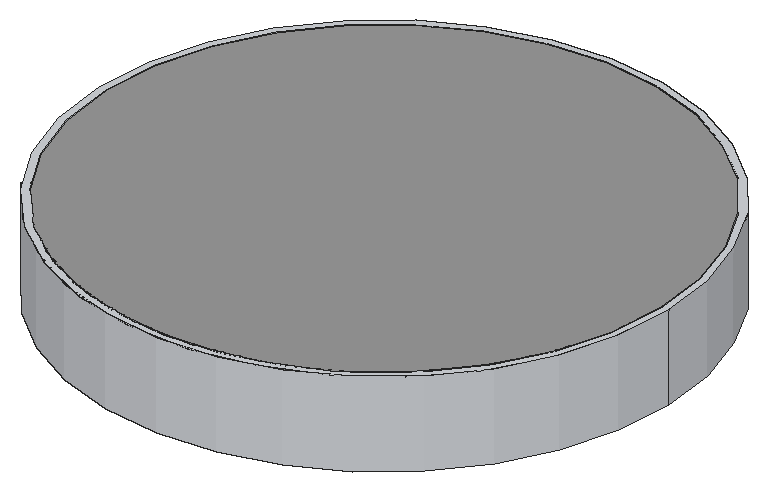
Revit family "2071149", category Lighting Fixtures, host Face, Revit 2018
Family settings
  Host = Face
  Round Connector Dimension = Use Diameter
  Part Type = Normal
  OmniClass Number = 23.80.70.00
  OmniClass Title = Lighting
  Cut with Voids When Loaded = No
  Light Source = Yes
  Shared = No
  Room Calculation Point = No
Parameters (values of type "2071149 COLOSSAL 400 840 PR DIR+H WHT DALI EM")
  iner diameter = 390 mm
  Weight = "n/a"
  Wattage Comments = ""
  Wattage = 30 W
  WarrantyStartDate [instance] = "n/a"
  WarrantyGuarantorParts = "n/a"
  WarrantyDurationUnit = "n/a"
  WarrantyDurationParts = ""
  WarrantyDescription = "http://www.sylvania-lighting.com"
  built-in parameter 1150110 = 1 (stored number, unit not read)
  Voltage = 230 V
  URL = "0.95"
  TypeName = "COLOSSAL 400mm 840 PRISM DIR+HAL WHITE DALI EM"
  Type Image = <None>
  Type Comments = "n/a"
  built-in parameter 1114217 = 1 (stored number, unit not read)
  Tilt Angle = -90.00°
  built-in parameter 1150109 = 1 (stored number, unit not read)
  built-in parameter 1150134 = (empty or 0)
  built-in parameter 1150113 = 1 (stored number, unit not read)
  SerialNumber [instance] = "n/a"
  Photometric Web File = "2071149.ies"
  Material_3_SYL = LED-Sylvania
  PowerFactor = 0
  PowerConsumption = "Lighting"
  NominalLength = 400 mm
  NominalHeight = 93 mm
  NominalDepth = 400 mm
  Name = "COLOSSAL 400mm 840 PRISM DIR+HAL WHITE DALI EM"
  ModelReference = Name  # "COLOSSAL 400mm 840 PRISM DIR+HAL WHITE DALI EM"
  ModelNumber = "2071149"
  Model = Name  # "COLOSSAL 400mm 840 PRISM DIR+HAL WHITE DALI EM"
  Material = "Feilo Sylvania"
  ManufacturerName = "126 lm/W"
  Manufacturer = ""
  LuminousEfficacy = ""
  built-in parameter 1150105 = 270.44 (stored number, unit not read)
  Lumens = 3398.4 lm
  LuminaireType = "0"
  built-in parameter 1150115 = 1 (stored number, unit not read)
  LightOutputRatio = "LED"
  built-in parameter 1150137 = (empty or 0)
  built-in parameter 1150139 = (empty or 0)
  LampsType = Lamp  # "n/a"
  LampNominalLuminous = "4000 K"
  LampMacAdamStep = "80"
  LampColourTemperature = "LED"
  LampColourRenderingIndex = "16500"
  built-in parameter 1150112 = 1 (stored number, unit not read)
  built-in parameter 1150114 = 1 (stored number, unit not read)
  Lamp = "n/a"
  Keynote = "n/a"
  InstallationDate [instance] = "n/a"
  InputVoltage = "0"
  InputNominalFrequency = "4000"
  built-in parameter 1150132 = (empty or 0)
  built-in parameter 1150102 = (empty or 0)
  built-in parameter 1150107 = 3000 (stored number, unit not read)
  built-in parameter 1150138 = (empty or 0)
  IngressProtection = "IfcLightFixtureType"
  ImpactProtectionIndex = "IfcLightFixtureType"
  built-in parameter 1150106 = 2.7044 (stored number, unit not read)
  IfcExportType = "IfcLightFixtureType"
  IfcExportAs = "Class I"
  Emit from Circle Diameter = 385 mm
  Emit Shape Visible in Rendering = no
  ElectricShockClassification = "126"
  built-in parameter 1150104 = 10.524 (stored number, unit not read)
  DocumentationLiterature = "http://www.sylvania-lighting.com/product/en-int/products/2071149"
  DimmingControlOptions = "n/a"
  Material_2_SYL = Polycarbonate_Sylvania_White
  Dimming Lamp Color Temperature Shift = <None>
  Description = "400mm diameter circular architectural luminaire, can be surface mounted or suspended. Powder coated aluminium housing (RAL9016) with PMMA prismatic diffuser. Direct/indirect (halo) light distribution, 2015lm luminuous flux, 16W system power, 126lm/W luminiaire efficacy. DALI dimmable. 3 hours integrated emergency. Colour rendering index Ra >80, 4000K Neutral White LED, chromaticity tolerance of 3-step MacAdam ellipse. IP40, IK03. 350mA drive current. UGR≤19. Electrical protection Class1, 220-240V. Reported lifetime 66k hours L90B10."
  Default Elevation = 1219.2 mm
  CreatedOn = "22/03/2022"
  CreatedBy = "@sylvania-lighting.com"
  Cost = 0
  Color Filter = 16777215
  built-in parameter 1114216 [instance] = (empty or 0)
  ClassificationValue = "EF_70_80"
  ClassificationName = "Uniclass2015"
  Material_1_SYL = Polycarbonate_Sylvania_Opal
  BarCode [instance] = "n/a"
  built-in parameter 1114218 = 1 (stored number, unit not read)
  built-in parameter 1150133 = 10 (stored number, unit not read)
  AssetType = "Fixed"
  AssetIdentifier [instance] = "n/a"
  Assembly Code = "D5020200"
  Apparent Load = 16 VA
  Material_4_SYL = none
Reference planes
  plane 1 "Center (Front/Back)": y = 0
  plane 2: z = 0
  plane 3 "Center (Left/Right)": x = 0
  plane 4: x = -200
  plane 5: x = 200
  plane 6: y = 200
  plane 7: y = -200
  plane 8: y = 236
  plane 9: y = -236
  plane 10: z = 93
  plane 11: y = 195
  plane 12: y = -195
  plane 13: y = 90.5
  plane 14: y = 144.5
  plane 15: through (52.25, 90.5, 1219.2) normal (0.866, 0.5, 0)
  plane 16: through (52.25, 90.5, 1219.2) normal (0.866, 0.5, 0)
  plane 17: through (63.706, 126.657, 1219.2) normal (0.866, 0.5, 0)
  plane 18: through (-104.5, 0, 1219.2) normal (-0.866, 0.5, 0)
  plane 19: through (-142.394, -9.633, 1219.2) normal (-0.866, 0.5, 0)
  plane 20: y = -90.5
  plane 21: y = -118.5
  plane 22: through (85.371, -141.133, 1219.2) normal (-0.866, 0.5, 0)
  plane 23: through (52.25, -90.5, 1219.2) normal (-0.866, 0.5, 0)
  plane 24: through (-161.658, 0, 1219.2) normal (0.866, 0.5, 0)
  plane 25: through (-172.12, 9.121, 1219.2) normal (0.866, 0.5, 0)
  plane 26: through (-104.5, 0, 1219.2) normal (0.866, 0.5, 0)
Forms (mm)
  Extrusion 1, solid, detail levels medium+fine
    sketch origin (0, 0, 0) x (1, 0, 0) y (0, 1, 0)
      loop
        circle (0, 0) r 200
    from 33.023 to 93
  Extrusion 2, void
    sketch origin (0, 0, 0) x (1, 0, 0) y (0, 1, 0)
      loop
        circle (0, 0) r 195
    from 93 to 37.292
  Extrusion 3, solid, material "Glass, White, High Luminance", detail levels fine
    sketch origin (0, 0, 0) x (1, 0, 0) y (0, 1, 0)
      loop
        circle (0, 0) r 195
    from 88.026 to 93
  Extrusion 4, solid, detail levels coarse
    sketch origin (0, 0, 0) x (1, 0, 0) y (0, 1, 0)
      loop
        line (-200, 200) -> (-200, -200) -> (200, -200) -> (200, 200) -> (-200, 200)
    from 0 to 93
  Blend 5, solid, detail levels medium+fine
    base sketch origin (0, 0, 0) x (1, 0, 0) y (0, 1, 0)
      loop
        line (-52.25, 90.5) -> (-104.5, 0) -> (-52.25, -90.5) -> (52.25, -90.5) -> (104.5, 0) -> (52.25, 90.5) -> (-52.25, 90.5)
    top sketch origin (0, 0, 0) x (1, 0, 0) y (0, 1, 0)
      loop
        line (-53.405, 144.5) -> (-149.245, -21.5) -> (-93.242, -118.5) -> (98.438, -118.5) -> (151.843, -26) -> (53.405, 144.5) -> (-53.405, 144.5)
    from 0 to 33.023
Cuts and joins
  Extrusion 2 cuts Extrusion 1
Dimensions and locks
  "NominalDepth": plane 6 to plane 7
  "NominalLength": plane 4 to plane 5
  equal spacing: plane 4, plane 3 "Center (Left/Right)", plane 5
  "iner diameter": plane 11 to plane 12
  equal spacing: plane 11, plane 1 "Center (Front/Back)", plane 12
  equal spacing: plane 6, plane 1 "Center (Front/Back)", plane 7
  "NominalHeight": plane 10 to level
  plane 19 to plane 18 = 28 mm
  radius of Extrusion 2 sketch curve = 195 mm
  aligned and locked: plane 2 to host face
  aligned and locked: level to host face
Automatic sketch dimensions
  host sketch curve to host sketch curve = 2438.4 mm  (x2)
  plane 1 "Center (Front/Back)" to Extrusion 1 sketch curve = 0 mm
  Extrusion 1 sketch curve to plane 3 "Center (Left/Right)" = 0 mm
  plane 1 "Center (Front/Back)" to Extrusion 2 sketch curve = 0 mm
  Extrusion 2 sketch curve to plane 3 "Center (Left/Right)" = 0 mm
  plane 1 "Center (Front/Back)" to Extrusion 3 sketch curve = 0 mm
  Extrusion 3 sketch curve to plane 3 "Center (Left/Right)" = 0 mm
  Extrusion 4 sketch curve to plane 4 = 0 mm
  Extrusion 4 sketch curve to plane 5 = 0 mm
  Extrusion 4 sketch curve to plane 7 = 0 mm
  Extrusion 4 sketch curve to plane 6 = 0 mm
  Blend 5 sketch curve to plane 19 = 0 mm  (x2)
  Blend 5 sketch curve to plane 24 = 0 mm  (x2)
  Blend 5 sketch curve to plane 21 = 0 mm
  Blend 5 sketch curve to plane 14 = 0 mm
  Blend 5 sketch curve to plane 17 = 0 mm  (x2)
  Blend 5 sketch curve to plane 22 = 0 mm  (x2)
  radius of Extrusion 1 sketch curve = 200 mm
  radius of Extrusion 3 sketch curve = 195 mm
Connectors
  electrical at (0, 0, 0), driven by "Apparent Load", driven by "PowerFactor", driven by "Voltage"
    settings: index 1, voltage 230 V, apparent load 16 VA, apparent load phase1 0 VA, apparent load phase2 0 VA, apparent load phase3 0 VA, power factor 0, load classification "Lighting", number of poles 1, system type 30, power factor state 1, is connector primary yes, connector utility no, sub classification motor no, connector description ""
